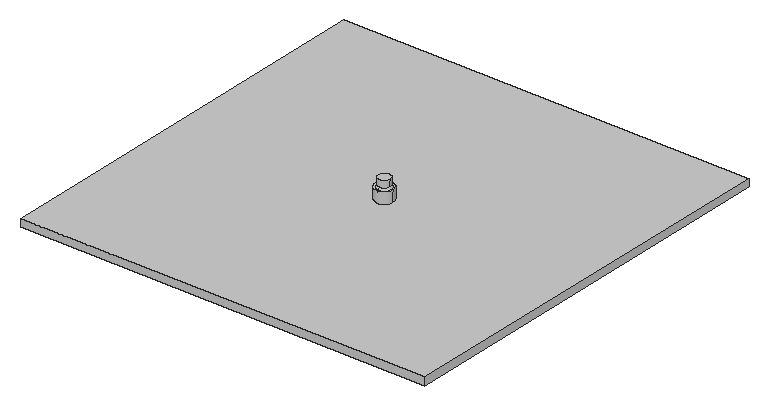
Revit family "SG0086523061CW", category Aparatos sanitarios, Revit 2019 (continued)
Automatic sketch dimensions
  radius of Extrusion 589 sketch curve = 0.896 mm
  radius of Extrusion 590 sketch curve = 1.0 mm
  radius of Extrusion 591 sketch curve = 0.896 mm
  radius of Extrusion 592 sketch curve = 1.0 mm
  radius of Extrusion 593 sketch curve = 0.896 mm
  radius of Extrusion 594 sketch curve = 1.0 mm
  radius of Extrusion 595 sketch curve = 0.896 mm
  radius of Extrusion 596 sketch curve = 1.0 mm
  radius of Extrusion 597 sketch curve = 0.896 mm
  radius of Extrusion 598 sketch curve = 1.0 mm
  radius of Extrusion 599 sketch curve = 0.896 mm
  radius of Extrusion 600 sketch curve = 1.0 mm
  radius of Extrusion 601 sketch curve = 0.896 mm
  radius of Extrusion 602 sketch curve = 1.0 mm
  radius of Extrusion 603 sketch curve = 0.896 mm
  radius of Extrusion 604 sketch curve = 1.0 mm
  radius of Extrusion 605 sketch curve = 0.896 mm
  radius of Extrusion 606 sketch curve = 1.0 mm
  radius of Extrusion 607 sketch curve = 0.896 mm
  radius of Extrusion 608 sketch curve = 1.0 mm
  radius of Extrusion 609 sketch curve = 0.896 mm
  radius of Extrusion 610 sketch curve = 1.0 mm
  radius of Extrusion 611 sketch curve = 0.896 mm
  radius of Extrusion 612 sketch curve = 1.0 mm
  radius of Extrusion 613 sketch curve = 0.896 mm
  radius of Extrusion 614 sketch curve = 1.0 mm
  radius of Extrusion 615 sketch curve = 0.896 mm
  radius of Extrusion 616 sketch curve = 1.0 mm
  radius of Extrusion 617 sketch curve = 0.896 mm
  radius of Extrusion 618 sketch curve = 1.0 mm
  radius of Extrusion 619 sketch curve = 0.896 mm
  radius of Extrusion 620 sketch curve = 1.0 mm
  radius of Extrusion 621 sketch curve = 0.896 mm
  radius of Extrusion 622 sketch curve = 1.0 mm
  radius of Extrusion 623 sketch curve = 0.896 mm
  radius of Extrusion 624 sketch curve = 1.0 mm
  radius of Extrusion 625 sketch curve = 0.896 mm
  radius of Extrusion 626 sketch curve = 1.0 mm
  radius of Extrusion 627 sketch curve = 0.896 mm
  radius of Extrusion 628 sketch curve = 1.0 mm
  radius of Extrusion 629 sketch curve = 0.896 mm
  radius of Extrusion 630 sketch curve = 1.0 mm
  radius of Extrusion 631 sketch curve = 0.896 mm
  radius of Extrusion 632 sketch curve = 1.0 mm
  radius of Extrusion 633 sketch curve = 0.896 mm
  radius of Extrusion 634 sketch curve = 1.0 mm
  radius of Extrusion 635 sketch curve = 0.896 mm
  radius of Extrusion 636 sketch curve = 1.0 mm
  radius of Extrusion 637 sketch curve = 0.896 mm
  radius of Extrusion 638 sketch curve = 1.0 mm
  radius of Extrusion 639 sketch curve = 0.896 mm
  radius of Extrusion 640 sketch curve = 1.0 mm
  radius of Extrusion 641 sketch curve = 0.896 mm
  radius of Extrusion 642 sketch curve = 1.0 mm
  radius of Extrusion 643 sketch curve = 0.896 mm
  radius of Extrusion 644 sketch curve = 1.0 mm
  radius of Extrusion 645 sketch curve = 0.896 mm
  radius of Extrusion 646 sketch curve = 1.0 mm
  radius of Extrusion 647 sketch curve = 0.896 mm
  radius of Extrusion 648 sketch curve = 1.0 mm
  radius of Extrusion 649 sketch curve = 0.896 mm
  radius of Extrusion 650 sketch curve = 1.0 mm
  radius of Extrusion 651 sketch curve = 0.896 mm
  radius of Extrusion 652 sketch curve = 1.0 mm
  radius of Extrusion 653 sketch curve = 0.896 mm
  radius of Extrusion 654 sketch curve = 1.0 mm
  radius of Extrusion 655 sketch curve = 0.896 mm
  radius of Extrusion 656 sketch curve = 1.0 mm
  radius of Extrusion 657 sketch curve = 0.896 mm
  radius of Extrusion 658 sketch curve = 1.0 mm
  radius of Extrusion 659 sketch curve = 0.896 mm
  radius of Extrusion 660 sketch curve = 1.0 mm
  radius of Extrusion 661 sketch curve = 0.896 mm
  radius of Extrusion 662 sketch curve = 1.0 mm
  radius of Extrusion 663 sketch curve = 0.896 mm
  radius of Extrusion 664 sketch curve = 1.0 mm
  radius of Extrusion 665 sketch curve = 0.896 mm
  radius of Extrusion 666 sketch curve = 1.0 mm
  radius of Extrusion 667 sketch curve = 0.896 mm
  radius of Extrusion 668 sketch curve = 1.0 mm
  radius of Extrusion 669 sketch curve = 0.896 mm
  radius of Extrusion 670 sketch curve = 1.0 mm
  radius of Extrusion 671 sketch curve = 0.896 mm
  radius of Extrusion 672 sketch curve = 1.0 mm
  radius of Extrusion 673 sketch curve = 0.896 mm
  radius of Extrusion 674 sketch curve = 1.0 mm
  radius of Extrusion 675 sketch curve = 0.896 mm
  radius of Extrusion 676 sketch curve = 1.0 mm
  radius of Extrusion 677 sketch curve = 0.896 mm
  radius of Extrusion 678 sketch curve = 1.0 mm
  radius of Extrusion 679 sketch curve = 0.896 mm
  radius of Extrusion 680 sketch curve = 1.0 mm
  radius of Extrusion 681 sketch curve = 0.896 mm
  radius of Extrusion 682 sketch curve = 1.0 mm
  radius of Extrusion 683 sketch curve = 0.896 mm
  radius of Extrusion 684 sketch curve = 1.0 mm
  radius of Extrusion 685 sketch curve = 0.896 mm
  radius of Extrusion 686 sketch curve = 1.0 mm
  radius of Extrusion 687 sketch curve = 0.896 mm
  radius of Extrusion 688 sketch curve = 1.0 mm
  radius of Extrusion 689 sketch curve = 0.896 mm
  radius of Extrusion 690 sketch curve = 1.0 mm
  radius of Extrusion 691 sketch curve = 0.896 mm
  radius of Extrusion 692 sketch curve = 1.0 mm
  radius of Extrusion 693 sketch curve = 0.896 mm
  radius of Extrusion 694 sketch curve = 1.0 mm
  radius of Extrusion 695 sketch curve = 0.896 mm
  radius of Extrusion 696 sketch curve = 1.0 mm
  radius of Extrusion 697 sketch curve = 0.896 mm
  radius of Extrusion 698 sketch curve = 1.0 mm
  radius of Extrusion 699 sketch curve = 0.896 mm
  radius of Extrusion 700 sketch curve = 1.0 mm
  radius of Extrusion 701 sketch curve = 0.896 mm
  radius of Extrusion 702 sketch curve = 1.0 mm
  radius of Extrusion 703 sketch curve = 0.896 mm
  radius of Extrusion 704 sketch curve = 1.0 mm
  radius of Extrusion 705 sketch curve = 0.896 mm
  radius of Extrusion 706 sketch curve = 1.0 mm
  radius of Extrusion 707 sketch curve = 0.896 mm
  radius of Extrusion 708 sketch curve = 1.0 mm
  radius of Extrusion 709 sketch curve = 0.896 mm
  radius of Extrusion 710 sketch curve = 1.0 mm
  radius of Extrusion 711 sketch curve = 0.896 mm
  radius of Extrusion 712 sketch curve = 1.0 mm
  radius of Extrusion 713 sketch curve = 0.896 mm
  radius of Extrusion 714 sketch curve = 1.0 mm
  radius of Extrusion 715 sketch curve = 0.896 mm
  radius of Extrusion 716 sketch curve = 1.0 mm
  radius of Extrusion 717 sketch curve = 0.896 mm
  radius of Extrusion 718 sketch curve = 1.0 mm
  radius of Extrusion 719 sketch curve = 0.896 mm
  radius of Extrusion 720 sketch curve = 1.0 mm
  radius of Extrusion 721 sketch curve = 0.896 mm
  radius of Extrusion 722 sketch curve = 1.0 mm
  radius of Extrusion 723 sketch curve = 0.896 mm
  radius of Extrusion 724 sketch curve = 1.0 mm
  radius of Extrusion 725 sketch curve = 0.896 mm
  radius of Extrusion 726 sketch curve = 1.0 mm
  radius of Extrusion 727 sketch curve = 0.896 mm
  radius of Extrusion 728 sketch curve = 1.0 mm
  radius of Extrusion 729 sketch curve = 0.896 mm
  radius of Extrusion 730 sketch curve = 1.0 mm
  radius of Extrusion 731 sketch curve = 0.896 mm
  radius of Extrusion 732 sketch curve = 1.0 mm
  radius of Extrusion 733 sketch curve = 0.896 mm
  radius of Extrusion 734 sketch curve = 1.0 mm
  radius of Extrusion 735 sketch curve = 0.896 mm
  radius of Extrusion 736 sketch curve = 1.0 mm
  radius of Extrusion 737 sketch curve = 0.896 mm
  radius of Extrusion 738 sketch curve = 1.0 mm
  radius of Extrusion 739 sketch curve = 0.896 mm
  radius of Extrusion 740 sketch curve = 1.0 mm
  radius of Extrusion 741 sketch curve = 0.896 mm
  radius of Extrusion 742 sketch curve = 1.0 mm
  radius of Extrusion 743 sketch curve = 0.896 mm
  radius of Extrusion 744 sketch curve = 1.0 mm
  radius of Extrusion 745 sketch curve = 0.896 mm
  radius of Extrusion 746 sketch curve = 1.0 mm
  radius of Extrusion 747 sketch curve = 0.896 mm
  radius of Extrusion 748 sketch curve = 1.0 mm
  radius of Extrusion 749 sketch curve = 0.896 mm
  radius of Extrusion 750 sketch curve = 1.0 mm
  radius of Extrusion 751 sketch curve = 0.896 mm
  radius of Extrusion 752 sketch curve = 1.0 mm
  radius of Extrusion 753 sketch curve = 0.896 mm
  radius of Extrusion 754 sketch curve = 1.0 mm
  radius of Extrusion 755 sketch curve = 0.896 mm
  radius of Extrusion 756 sketch curve = 1.0 mm
  radius of Extrusion 757 sketch curve = 0.896 mm
  radius of Extrusion 758 sketch curve = 1.0 mm
  radius of Extrusion 759 sketch curve = 0.896 mm
  radius of Extrusion 760 sketch curve = 1.0 mm
  radius of Extrusion 761 sketch curve = 0.896 mm
  radius of Extrusion 762 sketch curve = 1.0 mm
  radius of Extrusion 763 sketch curve = 0.896 mm
  radius of Extrusion 764 sketch curve = 1.0 mm
  radius of Extrusion 765 sketch curve = 0.896 mm
  radius of Extrusion 766 sketch curve = 1.0 mm
  radius of Extrusion 767 sketch curve = 0.896 mm
  radius of Extrusion 768 sketch curve = 1.0 mm
  radius of Extrusion 769 sketch curve = 0.896 mm
  radius of Extrusion 770 sketch curve = 1.0 mm
  radius of Extrusion 771 sketch curve = 0.896 mm
  radius of Extrusion 772 sketch curve = 1.0 mm
  radius of Extrusion 773 sketch curve = 0.896 mm
  radius of Extrusion 774 sketch curve = 1.0 mm
  radius of Extrusion 775 sketch curve = 0.896 mm
  radius of Extrusion 776 sketch curve = 1.0 mm
  radius of Extrusion 777 sketch curve = 0.896 mm
  radius of Extrusion 778 sketch curve = 1.0 mm
  radius of Extrusion 779 sketch curve = 0.896 mm
  radius of Extrusion 780 sketch curve = 1.0 mm
  radius of Extrusion 781 sketch curve = 0.896 mm
  radius of Extrusion 782 sketch curve = 1.0 mm
  radius of Extrusion 783 sketch curve = 0.896 mm
  radius of Extrusion 784 sketch curve = 1.0 mm
  radius of Extrusion 785 sketch curve = 0.896 mm
  radius of Extrusion 786 sketch curve = 1.0 mm
  radius of Extrusion 787 sketch curve = 0.896 mm
  radius of Extrusion 788 sketch curve = 1.0 mm
  radius of Extrusion 789 sketch curve = 0.896 mm
  radius of Extrusion 790 sketch curve = 1.0 mm
  radius of Extrusion 791 sketch curve = 0.896 mm
  radius of Extrusion 792 sketch curve = 1.0 mm
  radius of Extrusion 793 sketch curve = 0.896 mm
  radius of Extrusion 794 sketch curve = 1.0 mm
  radius of Extrusion 795 sketch curve = 0.896 mm
  radius of Extrusion 796 sketch curve = 1.0 mm
  radius of Extrusion 797 sketch curve = 0.896 mm
  radius of Extrusion 798 sketch curve = 1.0 mm
  radius of Extrusion 799 sketch curve = 0.896 mm
  radius of Extrusion 800 sketch curve = 1.0 mm
  radius of Extrusion 801 sketch curve = 0.896 mm
  radius of Extrusion 802 sketch curve = 1.0 mm
  radius of Extrusion 803 sketch curve = 0.896 mm
  radius of Extrusion 804 sketch curve = 1.0 mm
  radius of Extrusion 805 sketch curve = 0.896 mm
  radius of Extrusion 806 sketch curve = 1.0 mm
  radius of Extrusion 807 sketch curve = 0.896 mm
  radius of Extrusion 808 sketch curve = 1.0 mm
  radius of Extrusion 809 sketch curve = 0.896 mm
  radius of Extrusion 810 sketch curve = 1.0 mm
  radius of Extrusion 811 sketch curve = 0.896 mm
  radius of Extrusion 812 sketch curve = 1.0 mm
  radius of Extrusion 813 sketch curve = 0.896 mm
  radius of Extrusion 814 sketch curve = 1.0 mm
  radius of Extrusion 815 sketch curve = 0.896 mm
  radius of Extrusion 816 sketch curve = 1.0 mm
  radius of Extrusion 817 sketch curve = 0.896 mm
  radius of Extrusion 818 sketch curve = 1.0 mm
  radius of Extrusion 819 sketch curve = 0.896 mm
  radius of Extrusion 820 sketch curve = 1.0 mm
  radius of Extrusion 821 sketch curve = 0.896 mm
  radius of Extrusion 822 sketch curve = 1.0 mm
  radius of Extrusion 823 sketch curve = 0.896 mm
  radius of Extrusion 824 sketch curve = 1.0 mm
  radius of Extrusion 825 sketch curve = 0.896 mm
  radius of Extrusion 826 sketch curve = 1.0 mm
  radius of Extrusion 827 sketch curve = 0.896 mm
  radius of Extrusion 828 sketch curve = 1.0 mm
  radius of Extrusion 829 sketch curve = 0.896 mm
  radius of Extrusion 830 sketch curve = 1.0 mm
  radius of Extrusion 831 sketch curve = 0.896 mm
  radius of Extrusion 832 sketch curve = 1.0 mm
  radius of Extrusion 833 sketch curve = 0.896 mm
  radius of Extrusion 834 sketch curve = 1.0 mm
  radius of Extrusion 835 sketch curve = 0.896 mm
  radius of Extrusion 836 sketch curve = 1.0 mm
  radius of Extrusion 837 sketch curve = 0.896 mm
  radius of Extrusion 838 sketch curve = 1.0 mm
  radius of Extrusion 839 sketch curve = 0.896 mm
  radius of Extrusion 840 sketch curve = 1.0 mm
  radius of Extrusion 841 sketch curve = 0.896 mm
  radius of Extrusion 842 sketch curve = 1.0 mm
  radius of Extrusion 843 sketch curve = 0.896 mm
  radius of Extrusion 844 sketch curve = 1.0 mm
  radius of Extrusion 845 sketch curve = 0.896 mm
  radius of Extrusion 846 sketch curve = 1.0 mm
  radius of Extrusion 847 sketch curve = 0.896 mm
  radius of Extrusion 848 sketch curve = 1.0 mm
  radius of Extrusion 849 sketch curve = 0.896 mm
  radius of Extrusion 850 sketch curve = 1.0 mm
  radius of Extrusion 851 sketch curve = 0.896 mm
  radius of Extrusion 852 sketch curve = 1.0 mm
  radius of Extrusion 853 sketch curve = 0.896 mm
  radius of Extrusion 854 sketch curve = 1.0 mm
  radius of Extrusion 855 sketch curve = 0.896 mm
  radius of Extrusion 856 sketch curve = 1.0 mm
  radius of Extrusion 857 sketch curve = 0.896 mm
  radius of Extrusion 858 sketch curve = 1.0 mm
  radius of Extrusion 859 sketch curve = 0.896 mm
  radius of Extrusion 860 sketch curve = 1.0 mm
  radius of Extrusion 861 sketch curve = 0.896 mm
  radius of Extrusion 862 sketch curve = 1.0 mm
  radius of Extrusion 863 sketch curve = 0.896 mm
  radius of Extrusion 864 sketch curve = 1.0 mm
  radius of Extrusion 865 sketch curve = 0.896 mm
  radius of Extrusion 866 sketch curve = 1.0 mm
  radius of Extrusion 867 sketch curve = 0.896 mm
  radius of Extrusion 868 sketch curve = 1.0 mm
  radius of Extrusion 869 sketch curve = 0.896 mm
  radius of Extrusion 870 sketch curve = 1.0 mm
  radius of Extrusion 871 sketch curve = 0.896 mm
  radius of Extrusion 872 sketch curve = 1.0 mm
  radius of Extrusion 873 sketch curve = 0.896 mm
  radius of Extrusion 874 sketch curve = 1.0 mm
  radius of Extrusion 875 sketch curve = 0.896 mm
  radius of Extrusion 876 sketch curve = 1.0 mm
  radius of Extrusion 877 sketch curve = 0.896 mm
  radius of Extrusion 878 sketch curve = 1.0 mm
  radius of Extrusion 879 sketch curve = 0.896 mm
  radius of Extrusion 880 sketch curve = 1.0 mm
  radius of Extrusion 881 sketch curve = 0.896 mm
  radius of Extrusion 882 sketch curve = 1.0 mm
  radius of Extrusion 883 sketch curve = 0.896 mm
  radius of Extrusion 884 sketch curve = 1.0 mm
  radius of Extrusion 885 sketch curve = 0.896 mm
  radius of Extrusion 886 sketch curve = 1.0 mm
  radius of Extrusion 887 sketch curve = 0.896 mm
  radius of Extrusion 888 sketch curve = 1.0 mm
  radius of Extrusion 889 sketch curve = 0.896 mm
  radius of Extrusion 890 sketch curve = 1.0 mm
  radius of Extrusion 891 sketch curve = 0.896 mm
  radius of Extrusion 892 sketch curve = 1.0 mm
  radius of Extrusion 893 sketch curve = 0.896 mm
  radius of Extrusion 894 sketch curve = 1.0 mm
  radius of Extrusion 895 sketch curve = 0.896 mm
  radius of Extrusion 896 sketch curve = 1.0 mm
  radius of Extrusion 897 sketch curve = 0.896 mm
  radius of Extrusion 898 sketch curve = 1.0 mm
  radius of Extrusion 899 sketch curve = 0.896 mm
  radius of Extrusion 900 sketch curve = 1.0 mm
  radius of Extrusion 901 sketch curve = 0.896 mm
  radius of Extrusion 902 sketch curve = 1.0 mm
  radius of Extrusion 903 sketch curve = 0.896 mm
  radius of Extrusion 904 sketch curve = 1.0 mm
  radius of Extrusion 905 sketch curve = 0.896 mm
  radius of Extrusion 906 sketch curve = 1.0 mm
  radius of Extrusion 907 sketch curve = 0.896 mm
  radius of Extrusion 908 sketch curve = 1.0 mm
  radius of Extrusion 909 sketch curve = 0.896 mm
  radius of Extrusion 910 sketch curve = 1.0 mm
  radius of Extrusion 911 sketch curve = 0.896 mm
  radius of Extrusion 912 sketch curve = 1.0 mm
  radius of Extrusion 913 sketch curve = 0.896 mm
  radius of Extrusion 914 sketch curve = 1.0 mm
  radius of Extrusion 915 sketch curve = 0.896 mm
  radius of Extrusion 916 sketch curve = 1.0 mm
  radius of Extrusion 917 sketch curve = 0.896 mm
  radius of Extrusion 918 sketch curve = 1.0 mm
  radius of Extrusion 919 sketch curve = 0.896 mm
  radius of Extrusion 920 sketch curve = 1.0 mm
  radius of Extrusion 921 sketch curve = 0.896 mm
  radius of Extrusion 922 sketch curve = 1.0 mm
  radius of Extrusion 923 sketch curve = 0.896 mm
  radius of Extrusion 924 sketch curve = 1.0 mm
  radius of Extrusion 925 sketch curve = 0.896 mm
  radius of Extrusion 926 sketch curve = 1.0 mm
  radius of Extrusion 927 sketch curve = 0.896 mm
  radius of Extrusion 928 sketch curve = 1.0 mm
  radius of Extrusion 929 sketch curve = 0.896 mm
  radius of Extrusion 930 sketch curve = 1.0 mm
  radius of Extrusion 931 sketch curve = 0.896 mm
  radius of Extrusion 932 sketch curve = 1.0 mm
  radius of Extrusion 933 sketch curve = 0.896 mm
  radius of Extrusion 934 sketch curve = 1.0 mm
  radius of Extrusion 935 sketch curve = 0.896 mm
  radius of Extrusion 936 sketch curve = 1.0 mm
  radius of Extrusion 937 sketch curve = 0.896 mm
  radius of Extrusion 938 sketch curve = 1.0 mm
  radius of Extrusion 939 sketch curve = 0.896 mm
  radius of Extrusion 940 sketch curve = 1.0 mm
  radius of Extrusion 941 sketch curve = 0.896 mm
  radius of Extrusion 942 sketch curve = 1.0 mm
  radius of Extrusion 943 sketch curve = 0.896 mm
  radius of Extrusion 944 sketch curve = 1.0 mm
  radius of Extrusion 945 sketch curve = 0.896 mm
  radius of Extrusion 946 sketch curve = 1.0 mm
  radius of Extrusion 947 sketch curve = 0.896 mm
  radius of Extrusion 948 sketch curve = 1.0 mm
  radius of Extrusion 949 sketch curve = 0.896 mm
  radius of Extrusion 950 sketch curve = 1.0 mm
  radius of Extrusion 951 sketch curve = 0.896 mm
  radius of Extrusion 952 sketch curve = 1.0 mm
  radius of Extrusion 953 sketch curve = 0.896 mm
  radius of Extrusion 954 sketch curve = 1.0 mm
  radius of Extrusion 955 sketch curve = 0.896 mm
  radius of Extrusion 956 sketch curve = 1.0 mm
  radius of Extrusion 957 sketch curve = 0.896 mm
  radius of Extrusion 958 sketch curve = 1.0 mm
  radius of Extrusion 959 sketch curve = 0.896 mm
  radius of Extrusion 960 sketch curve = 1.0 mm
  radius of Extrusion 961 sketch curve = 0.896 mm
  radius of Extrusion 962 sketch curve = 1.0 mm
  radius of Extrusion 963 sketch curve = 0.896 mm
  radius of Extrusion 964 sketch curve = 1.0 mm
  radius of Extrusion 965 sketch curve = 0.896 mm
  radius of Extrusion 966 sketch curve = 1.0 mm
  radius of Extrusion 967 sketch curve = 0.896 mm
  radius of Extrusion 968 sketch curve = 1.0 mm
  radius of Extrusion 969 sketch curve = 0.896 mm
  radius of Extrusion 970 sketch curve = 1.0 mm
  radius of Extrusion 971 sketch curve = 0.896 mm
  radius of Extrusion 972 sketch curve = 1.0 mm
  radius of Extrusion 973 sketch curve = 0.896 mm
  radius of Extrusion 974 sketch curve = 1.0 mm
  radius of Extrusion 975 sketch curve = 0.896 mm
  radius of Extrusion 976 sketch curve = 1.0 mm
  radius of Extrusion 977 sketch curve = 0.896 mm
  radius of Extrusion 978 sketch curve = 1.0 mm
  radius of Extrusion 979 sketch curve = 0.896 mm
  radius of Extrusion 980 sketch curve = 1.0 mm
  radius of Extrusion 981 sketch curve = 0.896 mm
  radius of Extrusion 982 sketch curve = 1.0 mm
  radius of Extrusion 983 sketch curve = 0.896 mm
  radius of Extrusion 984 sketch curve = 1.0 mm
  radius of Extrusion 985 sketch curve = 0.896 mm
  radius of Extrusion 986 sketch curve = 1.0 mm
  radius of Extrusion 987 sketch curve = 0.896 mm
  radius of Extrusion 988 sketch curve = 1.0 mm
  radius of Extrusion 989 sketch curve = 0.896 mm
  radius of Extrusion 990 sketch curve = 1.0 mm
  radius of Extrusion 991 sketch curve = 0.896 mm
  radius of Extrusion 992 sketch curve = 1.0 mm
  radius of Extrusion 993 sketch curve = 0.896 mm
  radius of Extrusion 994 sketch curve = 1.0 mm
  radius of Extrusion 995 sketch curve = 0.896 mm
  radius of Extrusion 996 sketch curve = 1.0 mm
  radius of Extrusion 997 sketch curve = 0.896 mm
  radius of Extrusion 998 sketch curve = 1.0 mm
  radius of Extrusion 999 sketch curve = 0.896 mm
  radius of Extrusion 1000 sketch curve = 1.0 mm
  radius of Extrusion 1001 sketch curve = 0.896 mm
  radius of Extrusion 1002 sketch curve = 1.0 mm
  radius of Extrusion 1003 sketch curve = 0.896 mm
  radius of Extrusion 1004 sketch curve = 1.0 mm
  radius of Extrusion 1005 sketch curve = 0.896 mm
  radius of Extrusion 1006 sketch curve = 1.0 mm
  radius of Extrusion 1007 sketch curve = 0.896 mm
  radius of Extrusion 1008 sketch curve = 1.0 mm
  radius of Extrusion 1009 sketch curve = 0.896 mm
  radius of Extrusion 1010 sketch curve = 1.0 mm
  radius of Extrusion 1011 sketch curve = 0.896 mm
  radius of Extrusion 1012 sketch curve = 1.0 mm
  radius of Extrusion 1013 sketch curve = 0.896 mm
  radius of Extrusion 1014 sketch curve = 1.0 mm
  radius of Extrusion 1015 sketch curve = 0.896 mm
  radius of Extrusion 1016 sketch curve = 1.0 mm
  radius of Extrusion 1017 sketch curve = 0.896 mm
  radius of Extrusion 1018 sketch curve = 1.0 mm
  radius of Extrusion 1019 sketch curve = 0.896 mm
  radius of Extrusion 1020 sketch curve = 1.0 mm
  radius of Extrusion 1021 sketch curve = 0.896 mm
  radius of Extrusion 1022 sketch curve = 1.0 mm
  radius of Extrusion 1023 sketch curve = 0.896 mm
  radius of Extrusion 1024 sketch curve = 1.0 mm
  radius of Extrusion 1025 sketch curve = 0.896 mm
  radius of Extrusion 1026 sketch curve = 1.0 mm
  radius of Extrusion 1027 sketch curve = 0.896 mm
  radius of Extrusion 1028 sketch curve = 1.0 mm
  radius of Extrusion 1029 sketch curve = 0.896 mm
  radius of Extrusion 1030 sketch curve = 1.0 mm
  radius of Extrusion 1031 sketch curve = 0.896 mm
  radius of Extrusion 1032 sketch curve = 1.0 mm
  radius of Extrusion 1033 sketch curve = 0.896 mm
  radius of Extrusion 1034 sketch curve = 1.0 mm
  radius of Extrusion 1035 sketch curve = 0.896 mm
  radius of Extrusion 1036 sketch curve = 1.0 mm
  radius of Extrusion 1037 sketch curve = 0.896 mm
  radius of Extrusion 1038 sketch curve = 1.0 mm
  radius of Extrusion 1039 sketch curve = 0.896 mm
  radius of Extrusion 1040 sketch curve = 1.0 mm
  radius of Extrusion 1041 sketch curve = 0.896 mm
  radius of Extrusion 1042 sketch curve = 1.0 mm
  radius of Extrusion 1043 sketch curve = 0.896 mm
  radius of Extrusion 1044 sketch curve = 1.0 mm
  radius of Extrusion 1045 sketch curve = 0.896 mm
  radius of Extrusion 1046 sketch curve = 1.0 mm
  radius of Extrusion 1047 sketch curve = 0.896 mm
  radius of Extrusion 1048 sketch curve = 1.0 mm
  radius of Extrusion 1049 sketch curve = 0.896 mm
  radius of Extrusion 1050 sketch curve = 1.0 mm
  radius of Extrusion 1051 sketch curve = 0.896 mm
  radius of Extrusion 1052 sketch curve = 1.0 mm
  radius of Extrusion 1053 sketch curve = 0.896 mm
  radius of Extrusion 1054 sketch curve = 1.0 mm
  radius of Extrusion 1055 sketch curve = 0.896 mm
  radius of Extrusion 1056 sketch curve = 1.0 mm
  radius of Extrusion 1057 sketch curve = 0.896 mm
  radius of Extrusion 1058 sketch curve = 1.0 mm
  radius of Extrusion 1059 sketch curve = 0.896 mm
  radius of Extrusion 1060 sketch curve = 1.0 mm
  radius of Extrusion 1061 sketch curve = 0.896 mm
  radius of Extrusion 1062 sketch curve = 1.0 mm
  radius of Extrusion 1063 sketch curve = 0.896 mm
  radius of Extrusion 1064 sketch curve = 1.0 mm
  radius of Extrusion 1065 sketch curve = 0.896 mm
  radius of Extrusion 1066 sketch curve = 1.0 mm
  radius of Extrusion 1067 sketch curve = 0.896 mm
  radius of Extrusion 1068 sketch curve = 1.0 mm
  radius of Extrusion 1069 sketch curve = 0.896 mm
  radius of Extrusion 1070 sketch curve = 1.0 mm
  radius of Extrusion 1071 sketch curve = 0.896 mm
  radius of Extrusion 1072 sketch curve = 1.0 mm
  radius of Extrusion 1073 sketch curve = 0.896 mm
  radius of Extrusion 1074 sketch curve = 1.0 mm
  radius of Extrusion 1075 sketch curve = 0.896 mm
  radius of Extrusion 1076 sketch curve = 1.0 mm
  radius of Extrusion 1077 sketch curve = 0.896 mm
  radius of Extrusion 1078 sketch curve = 1.0 mm
  radius of Extrusion 1079 sketch curve = 0.896 mm
  radius of Extrusion 1080 sketch curve = 1.0 mm
  radius of Extrusion 1081 sketch curve = 0.896 mm
  radius of Extrusion 1082 sketch curve = 1.0 mm
  radius of Extrusion 1083 sketch curve = 0.896 mm
  radius of Extrusion 1084 sketch curve = 1.0 mm
  radius of Extrusion 1085 sketch curve = 0.896 mm
  radius of Extrusion 1086 sketch curve = 1.0 mm
  radius of Extrusion 1087 sketch curve = 0.896 mm
  radius of Extrusion 1088 sketch curve = 1.0 mm
  radius of Extrusion 1089 sketch curve = 0.896 mm
  radius of Extrusion 1090 sketch curve = 1.0 mm
  radius of Extrusion 1091 sketch curve = 0.896 mm
  radius of Extrusion 1092 sketch curve = 1.0 mm
  radius of Extrusion 1093 sketch curve = 0.896 mm
  radius of Extrusion 1094 sketch curve = 1.0 mm
  radius of Extrusion 1095 sketch curve = 0.896 mm
  radius of Extrusion 1096 sketch curve = 1.0 mm
  radius of Extrusion 1097 sketch curve = 0.896 mm
  radius of Extrusion 1098 sketch curve = 1.0 mm
  radius of Extrusion 1099 sketch curve = 0.896 mm
  radius of Extrusion 1100 sketch curve = 1.0 mm
  radius of Extrusion 1101 sketch curve = 0.896 mm
  radius of Extrusion 1102 sketch curve = 1.0 mm
  radius of Extrusion 1103 sketch curve = 0.896 mm
  radius of Extrusion 1104 sketch curve = 1.0 mm
  radius of Extrusion 1105 sketch curve = 0.896 mm
  radius of Extrusion 1106 sketch curve = 1.0 mm
  radius of Extrusion 1107 sketch curve = 0.896 mm
  radius of Extrusion 1108 sketch curve = 1.0 mm
  radius of Extrusion 1109 sketch curve = 0.896 mm
  radius of Extrusion 1110 sketch curve = 1.0 mm
  radius of Extrusion 1111 sketch curve = 0.896 mm
  radius of Extrusion 1112 sketch curve = 1.0 mm
  radius of Extrusion 1113 sketch curve = 0.896 mm
  radius of Extrusion 1114 sketch curve = 1.0 mm
  radius of Extrusion 1115 sketch curve = 0.896 mm
  radius of Extrusion 1116 sketch curve = 1.0 mm
  radius of Extrusion 1117 sketch curve = 0.896 mm
  radius of Extrusion 1118 sketch curve = 1.0 mm
  radius of Extrusion 1119 sketch curve = 0.896 mm
  radius of Extrusion 1120 sketch curve = 1.0 mm
  radius of Extrusion 1121 sketch curve = 0.896 mm
  radius of Extrusion 1122 sketch curve = 1.0 mm
  radius of Extrusion 1123 sketch curve = 0.896 mm
  radius of Extrusion 1124 sketch curve = 1.0 mm
  radius of Extrusion 1125 sketch curve = 0.896 mm
  radius of Extrusion 1126 sketch curve = 1.0 mm
  radius of Extrusion 1127 sketch curve = 0.896 mm
  radius of Extrusion 1128 sketch curve = 1.0 mm
  radius of Extrusion 1129 sketch curve = 0.896 mm
  radius of Extrusion 1130 sketch curve = 1.0 mm
  radius of Extrusion 1131 sketch curve = 0.896 mm
  radius of Extrusion 1132 sketch curve = 1.0 mm
  radius of Extrusion 1133 sketch curve = 0.896 mm
  radius of Extrusion 1134 sketch curve = 1.0 mm
  radius of Extrusion 1135 sketch curve = 0.896 mm
  radius of Extrusion 1136 sketch curve = 1.0 mm
  radius of Extrusion 1137 sketch curve = 0.896 mm
  radius of Extrusion 1138 sketch curve = 1.0 mm
  radius of Extrusion 1139 sketch curve = 0.896 mm
  radius of Extrusion 1140 sketch curve = 1.0 mm
  radius of Extrusion 1141 sketch curve = 0.896 mm
  radius of Extrusion 1142 sketch curve = 1.0 mm
  radius of Extrusion 1143 sketch curve = 0.896 mm
  radius of Extrusion 1144 sketch curve = 1.0 mm
  radius of Extrusion 1145 sketch curve = 0.896 mm
  radius of Extrusion 1146 sketch curve = 1.0 mm
  radius of Extrusion 1147 sketch curve = 0.896 mm
  radius of Extrusion 1148 sketch curve = 1.0 mm
  radius of Extrusion 1149 sketch curve = 0.896 mm
  radius of Extrusion 1150 sketch curve = 1.0 mm
  radius of Extrusion 1151 sketch curve = 0.896 mm
  radius of Extrusion 1152 sketch curve = 1.0 mm
  radius of Extrusion 1153 sketch curve = 0.896 mm
  radius of Extrusion 1154 sketch curve = 1.0 mm
  radius of Extrusion 1155 sketch curve = 0.896 mm
  radius of Extrusion 1156 sketch curve = 1.0 mm
  radius of Extrusion 1157 sketch curve = 0.896 mm
  radius of Extrusion 1158 sketch curve = 1.0 mm
  radius of Extrusion 1159 sketch curve = 0.896 mm
  radius of Extrusion 1160 sketch curve = 1.0 mm
  radius of Extrusion 1161 sketch curve = 0.896 mm
  radius of Extrusion 1162 sketch curve = 1.0 mm
  radius of Extrusion 1163 sketch curve = 0.896 mm
  radius of Extrusion 1164 sketch curve = 1.0 mm
  radius of Extrusion 1165 sketch curve = 0.896 mm
  radius of Extrusion 1166 sketch curve = 1.0 mm
  radius of Extrusion 1167 sketch curve = 0.896 mm
  radius of Extrusion 1168 sketch curve = 1.0 mm
  radius of Extrusion 1169 sketch curve = 0.896 mm
  radius of Extrusion 1170 sketch curve = 1.0 mm
  radius of Extrusion 1171 sketch curve = 0.896 mm
  radius of Extrusion 1172 sketch curve = 1.0 mm
  radius of Extrusion 1173 sketch curve = 0.896 mm
  radius of Extrusion 1174 sketch curve = 1.0 mm
  radius of Extrusion 1175 sketch curve = 0.896 mm
  radius of Extrusion 1176 sketch curve = 1.0 mm
  radius of Extrusion 1177 sketch curve = 0.896 mm
  radius of Extrusion 1178 sketch curve = 1.0 mm
  radius of Extrusion 1179 sketch curve = 0.896 mm
  radius of Extrusion 1180 sketch curve = 1.0 mm
  radius of Extrusion 1181 sketch curve = 0.896 mm
  radius of Extrusion 1182 sketch curve = 1.0 mm
  radius of Extrusion 1183 sketch curve = 0.896 mm
  radius of Extrusion 1184 sketch curve = 1.0 mm
  radius of Extrusion 1185 sketch curve = 0.896 mm
  radius of Extrusion 1186 sketch curve = 1.0 mm
  radius of Extrusion 1187 sketch curve = 0.896 mm
  radius of Extrusion 1188 sketch curve = 1.0 mm
  radius of Extrusion 1189 sketch curve = 0.896 mm
  radius of Extrusion 1190 sketch curve = 1.0 mm
  radius of Extrusion 1191 sketch curve = 0.896 mm
  radius of Extrusion 1192 sketch curve = 1.0 mm
  radius of Extrusion 1193 sketch curve = 0.896 mm
  radius of Extrusion 1194 sketch curve = 1.0 mm
  radius of Extrusion 1195 sketch curve = 0.896 mm
  radius of Extrusion 1196 sketch curve = 1.0 mm
  radius of Extrusion 1197 sketch curve = 0.896 mm
  radius of Extrusion 1198 sketch curve = 1.0 mm
  radius of Extrusion 1199 sketch curve = 0.896 mm
  radius of Extrusion 1200 sketch curve = 1.0 mm
  radius of Extrusion 1201 sketch curve = 0.896 mm
  radius of Extrusion 1202 sketch curve = 1.0 mm
  radius of Extrusion 1203 sketch curve = 0.896 mm
  radius of Extrusion 1204 sketch curve = 1.0 mm
  radius of Extrusion 1205 sketch curve = 0.896 mm
  radius of Extrusion 1206 sketch curve = 1.0 mm
  radius of Extrusion 1207 sketch curve = 0.896 mm
  radius of Extrusion 1208 sketch curve = 1.0 mm
  radius of Extrusion 1209 sketch curve = 0.896 mm
  radius of Extrusion 1210 sketch curve = 1.0 mm
  radius of Extrusion 1211 sketch curve = 0.896 mm
  radius of Extrusion 1212 sketch curve = 1.0 mm
  radius of Extrusion 1213 sketch curve = 0.896 mm
  radius of Extrusion 1214 sketch curve = 1.0 mm
  radius of Extrusion 1215 sketch curve = 0.896 mm
  radius of Extrusion 1216 sketch curve = 1.0 mm
  radius of Extrusion 1217 sketch curve = 0.896 mm
  radius of Extrusion 1218 sketch curve = 1.0 mm
  radius of Extrusion 1219 sketch curve = 0.896 mm
  radius of Extrusion 1220 sketch curve = 1.0 mm
  radius of Extrusion 1221 sketch curve = 0.896 mm
  radius of Extrusion 1222 sketch curve = 1.0 mm
  radius of Extrusion 1223 sketch curve = 0.896 mm
  radius of Extrusion 1224 sketch curve = 1.0 mm
  radius of Extrusion 1225 sketch curve = 0.896 mm
  radius of Extrusion 1226 sketch curve = 1.0 mm
  radius of Extrusion 1227 sketch curve = 0.896 mm
  radius of Extrusion 1228 sketch curve = 1.0 mm
  radius of Extrusion 1229 sketch curve = 0.896 mm
  radius of Extrusion 1230 sketch curve = 1.0 mm
  radius of Extrusion 1231 sketch curve = 0.896 mm
  radius of Extrusion 1232 sketch curve = 1.0 mm
  radius of Extrusion 1233 sketch curve = 0.896 mm
  radius of Extrusion 1234 sketch curve = 1.0 mm
  radius of Extrusion 1235 sketch curve = 0.896 mm
  radius of Extrusion 1236 sketch curve = 1.0 mm
  radius of Extrusion 1237 sketch curve = 0.896 mm
  radius of Extrusion 1238 sketch curve = 1.0 mm
  radius of Extrusion 1239 sketch curve = 0.896 mm
  radius of Extrusion 1240 sketch curve = 1.0 mm
  radius of Extrusion 1241 sketch curve = 0.896 mm
  radius of Extrusion 1242 sketch curve = 1.0 mm
  radius of Extrusion 1243 sketch curve = 0.896 mm
  radius of Extrusion 1244 sketch curve = 1.0 mm
  radius of Extrusion 1245 sketch curve = 0.896 mm
  radius of Extrusion 1246 sketch curve = 1.0 mm
  radius of Extrusion 1247 sketch curve = 0.896 mm
  radius of Extrusion 1248 sketch curve = 1.0 mm
  radius of Extrusion 1249 sketch curve = 0.896 mm
  radius of Extrusion 1250 sketch curve = 1.0 mm
  radius of Extrusion 1251 sketch curve = 0.896 mm
  radius of Extrusion 1252 sketch curve = 1.0 mm
  radius of Extrusion 1253 sketch curve = 0.896 mm
  radius of Extrusion 1254 sketch curve = 1.0 mm
  radius of Extrusion 1255 sketch curve = 0.896 mm
  radius of Extrusion 1256 sketch curve = 1.0 mm
  radius of Extrusion 1257 sketch curve = 0.896 mm
  radius of Extrusion 1258 sketch curve = 1.0 mm
  radius of Extrusion 1259 sketch curve = 0.896 mm
  radius of Extrusion 1260 sketch curve = 1.0 mm
  radius of Extrusion 1261 sketch curve = 0.896 mm
  radius of Extrusion 1262 sketch curve = 1.0 mm
  radius of Extrusion 1263 sketch curve = 0.896 mm
  radius of Extrusion 1264 sketch curve = 1.0 mm
  radius of Extrusion 1265 sketch curve = 0.896 mm
  radius of Extrusion 1266 sketch curve = 1.0 mm
  radius of Extrusion 1267 sketch curve = 0.896 mm
  radius of Extrusion 1268 sketch curve = 1.0 mm
  radius of Extrusion 1269 sketch curve = 0.896 mm
  radius of Extrusion 1270 sketch curve = 1.0 mm
  radius of Extrusion 1271 sketch curve = 0.896 mm
  radius of Extrusion 1272 sketch curve = 1.0 mm
  radius of Extrusion 1273 sketch curve = 0.896 mm
  radius of Extrusion 1274 sketch curve = 1.0 mm
  radius of Extrusion 1275 sketch curve = 0.896 mm
  radius of Extrusion 1276 sketch curve = 1.0 mm
  radius of Extrusion 1277 sketch curve = 0.896 mm
  radius of Extrusion 1278 sketch curve = 1.0 mm
  radius of Extrusion 1279 sketch curve = 0.896 mm
  radius of Extrusion 1280 sketch curve = 1.0 mm
  radius of Extrusion 1281 sketch curve = 0.896 mm
  radius of Extrusion 1282 sketch curve = 1.0 mm
  radius of Extrusion 1283 sketch curve = 0.896 mm
  radius of Extrusion 1284 sketch curve = 1.0 mm
  radius of Extrusion 1285 sketch curve = 0.896 mm
  radius of Extrusion 1286 sketch curve = 1.0 mm
  radius of Extrusion 1287 sketch curve = 0.896 mm
  radius of Extrusion 1288 sketch curve = 1.0 mm
  radius of Extrusion 1289 sketch curve = 0.896 mm
  radius of Extrusion 1290 sketch curve = 1.0 mm
  radius of Extrusion 1291 sketch curve = 0.896 mm
  radius of Extrusion 1292 sketch curve = 1.0 mm
  radius of Extrusion 1293 sketch curve = 0.896 mm
  radius of Extrusion 1294 sketch curve = 1.0 mm
  radius of Extrusion 1295 sketch curve = 0.896 mm
  radius of Extrusion 1296 sketch curve = 1.0 mm
  radius of Extrusion 1297 sketch curve = 0.896 mm
  radius of Extrusion 1298 sketch curve = 1.0 mm
  radius of Extrusion 1299 sketch curve = 0.896 mm
  radius of Extrusion 1300 sketch curve = 1.0 mm
  radius of Extrusion 1301 sketch curve = 0.896 mm
  radius of Extrusion 1302 sketch curve = 1.0 mm
  radius of Extrusion 1303 sketch curve = 0.896 mm
  radius of Extrusion 1304 sketch curve = 1.0 mm
  radius of Extrusion 1305 sketch curve = 0.896 mm
  radius of Extrusion 1306 sketch curve = 1.0 mm
  radius of Extrusion 1307 sketch curve = 0.896 mm
  radius of Extrusion 1308 sketch curve = 1.0 mm
  radius of Extrusion 1309 sketch curve = 0.896 mm
  radius of Extrusion 1310 sketch curve = 1.0 mm
  radius of Extrusion 1311 sketch curve = 0.896 mm
  radius of Extrusion 1312 sketch curve = 1.0 mm
  radius of Extrusion 1313 sketch curve = 0.896 mm
  radius of Extrusion 1314 sketch curve = 1.0 mm
  radius of Extrusion 1315 sketch curve = 0.896 mm
  radius of Extrusion 1316 sketch curve = 1.0 mm
  radius of Extrusion 1317 sketch curve = 0.896 mm
  radius of Extrusion 1318 sketch curve = 1.0 mm
  radius of Extrusion 1319 sketch curve = 0.896 mm
  radius of Extrusion 1320 sketch curve = 1.0 mm
  radius of Extrusion 1321 sketch curve = 0.896 mm
  radius of Extrusion 1322 sketch curve = 1.0 mm
  radius of Extrusion 1323 sketch curve = 0.896 mm
  radius of Extrusion 1324 sketch curve = 1.0 mm
  radius of Extrusion 1325 sketch curve = 0.896 mm
  radius of Extrusion 1326 sketch curve = 1.0 mm
  radius of Extrusion 1327 sketch curve = 0.896 mm
  radius of Extrusion 1328 sketch curve = 1.0 mm
  radius of Extrusion 1329 sketch curve = 0.896 mm
  radius of Extrusion 1330 sketch curve = 1.0 mm
  radius of Extrusion 1331 sketch curve = 0.896 mm
  radius of Extrusion 1332 sketch curve = 1.0 mm
  radius of Extrusion 1333 sketch curve = 0.896 mm
  radius of Extrusion 1334 sketch curve = 1.0 mm
  radius of Extrusion 1335 sketch curve = 0.896 mm
  radius of Extrusion 1336 sketch curve = 1.0 mm
  radius of Extrusion 1337 sketch curve = 0.896 mm
  radius of Extrusion 1338 sketch curve = 1.0 mm
  radius of Extrusion 1339 sketch curve = 0.896 mm
  radius of Extrusion 1340 sketch curve = 1.0 mm
  radius of Extrusion 1341 sketch curve = 0.896 mm
  radius of Extrusion 1342 sketch curve = 1.0 mm
  radius of Extrusion 1343 sketch curve = 0.896 mm
  radius of Extrusion 1344 sketch curve = 1.0 mm
  radius of Extrusion 1345 sketch curve = 0.896 mm
  radius of Extrusion 1346 sketch curve = 1.0 mm
  radius of Extrusion 1347 sketch curve = 0.896 mm
  radius of Extrusion 1348 sketch curve = 1.0 mm
  radius of Extrusion 1349 sketch curve = 0.896 mm
  radius of Extrusion 1350 sketch curve = 1.0 mm
  radius of Extrusion 1351 sketch curve = 0.896 mm
  radius of Extrusion 1352 sketch curve = 1.0 mm
  radius of Extrusion 1353 sketch curve = 0.896 mm
  radius of Extrusion 1354 sketch curve = 1.0 mm
  radius of Extrusion 1355 sketch curve = 0.896 mm
  radius of Extrusion 1356 sketch curve = 1.0 mm
  radius of Extrusion 1357 sketch curve = 0.896 mm
  radius of Extrusion 1358 sketch curve = 1.0 mm
  radius of Extrusion 1359 sketch curve = 0.896 mm
  radius of Extrusion 1360 sketch curve = 1.0 mm
  radius of Extrusion 1361 sketch curve = 0.896 mm
  radius of Extrusion 1362 sketch curve = 1.0 mm
  radius of Extrusion 1363 sketch curve = 0.896 mm
  radius of Extrusion 1364 sketch curve = 1.0 mm
  radius of Extrusion 1365 sketch curve = 0.896 mm
  radius of Extrusion 1366 sketch curve = 1.0 mm
  radius of Extrusion 1367 sketch curve = 0.896 mm
  radius of Extrusion 1368 sketch curve = 1.0 mm
  radius of Extrusion 1369 sketch curve = 0.896 mm
  radius of Extrusion 1370 sketch curve = 1.0 mm
  radius of Extrusion 1371 sketch curve = 0.896 mm
  radius of Extrusion 1372 sketch curve = 1.0 mm
  radius of Extrusion 1373 sketch curve = 0.896 mm
  radius of Extrusion 1374 sketch curve = 1.0 mm
  radius of Extrusion 1375 sketch curve = 0.896 mm
  radius of Extrusion 1376 sketch curve = 1.0 mm
  radius of Extrusion 1377 sketch curve = 0.896 mm
  radius of Extrusion 1378 sketch curve = 1.0 mm
  radius of Extrusion 1379 sketch curve = 0.896 mm
  radius of Extrusion 1380 sketch curve = 1.0 mm
  radius of Extrusion 1381 sketch curve = 0.896 mm
  radius of Extrusion 1382 sketch curve = 1.0 mm
  radius of Extrusion 1383 sketch curve = 0.896 mm
  radius of Extrusion 1384 sketch curve = 1.0 mm
  radius of Extrusion 1385 sketch curve = 0.896 mm
  radius of Extrusion 1386 sketch curve = 1.0 mm
  radius of Extrusion 1387 sketch curve = 0.896 mm
  radius of Extrusion 1388 sketch curve = 1.0 mm
  radius of Extrusion 1389 sketch curve = 0.896 mm
  radius of Extrusion 1390 sketch curve = 1.0 mm
  radius of Extrusion 1391 sketch curve = 0.896 mm
  radius of Extrusion 1392 sketch curve = 1.0 mm
  radius of Extrusion 1393 sketch curve = 0.896 mm
  radius of Extrusion 1394 sketch curve = 1.0 mm
  radius of Extrusion 1395 sketch curve = 0.896 mm
  radius of Extrusion 1396 sketch curve = 1.0 mm
  radius of Extrusion 1397 sketch curve = 0.896 mm
  radius of Extrusion 1398 sketch curve = 1.0 mm
  radius of Extrusion 1399 sketch curve = 0.896 mm
  radius of Extrusion 1400 sketch curve = 1.0 mm
  radius of Extrusion 1401 sketch curve = 0.896 mm
  radius of Extrusion 1402 sketch curve = 1.0 mm
  radius of Extrusion 1403 sketch curve = 0.896 mm
  radius of Extrusion 1404 sketch curve = 1.0 mm
  radius of Extrusion 1405 sketch curve = 0.896 mm
  radius of Extrusion 1406 sketch curve = 1.0 mm
  radius of Extrusion 1407 sketch curve = 0.896 mm
  radius of Extrusion 1408 sketch curve = 1.0 mm
  radius of Extrusion 1409 sketch curve = 0.896 mm
  radius of Extrusion 1410 sketch curve = 1.0 mm
  radius of Extrusion 1411 sketch curve = 0.896 mm
  radius of Extrusion 1412 sketch curve = 1.0 mm
  radius of Extrusion 1413 sketch curve = 0.896 mm
  radius of Extrusion 1414 sketch curve = 1.0 mm
  radius of Extrusion 1415 sketch curve = 0.896 mm
  radius of Extrusion 1416 sketch curve = 1.0 mm
  radius of Extrusion 1417 sketch curve = 0.896 mm
  radius of Extrusion 1418 sketch curve = 1.0 mm
  radius of Extrusion 1419 sketch curve = 0.896 mm
  radius of Extrusion 1420 sketch curve = 1.0 mm
  radius of Extrusion 1421 sketch curve = 0.896 mm
  radius of Extrusion 1422 sketch curve = 1.0 mm
  radius of Extrusion 1423 sketch curve = 0.896 mm
  radius of Extrusion 1424 sketch curve = 1.0 mm
  radius of Extrusion 1425 sketch curve = 0.896 mm
  radius of Extrusion 1426 sketch curve = 1.0 mm
  radius of Extrusion 1427 sketch curve = 0.896 mm
  radius of Extrusion 1428 sketch curve = 1.0 mm
  radius of Extrusion 1429 sketch curve = 0.896 mm
  radius of Extrusion 1430 sketch curve = 1.0 mm
  radius of Extrusion 1431 sketch curve = 0.896 mm
  radius of Extrusion 1432 sketch curve = 1.0 mm
  radius of Extrusion 1433 sketch curve = 0.896 mm
  radius of Extrusion 1434 sketch curve = 1.0 mm
  radius of Extrusion 1435 sketch curve = 0.896 mm
  radius of Extrusion 1436 sketch curve = 1.0 mm
  radius of Extrusion 1437 sketch curve = 0.896 mm
  radius of Extrusion 1438 sketch curve = 1.0 mm
  radius of Extrusion 1439 sketch curve = 0.896 mm
  radius of Extrusion 1440 sketch curve = 1.0 mm
  radius of Extrusion 1441 sketch curve = 0.896 mm
  radius of Extrusion 1442 sketch curve = 1.0 mm
  radius of Extrusion 1443 sketch curve = 0.896 mm
  radius of Extrusion 1444 sketch curve = 1.0 mm
  radius of Extrusion 1445 sketch curve = 0.896 mm
  radius of Extrusion 1446 sketch curve = 1.0 mm
  radius of Extrusion 1447 sketch curve = 0.896 mm
  radius of Extrusion 1448 sketch curve = 1.0 mm
  radius of Extrusion 1449 sketch curve = 0.896 mm
  radius of Extrusion 1450 sketch curve = 1.0 mm
  radius of Extrusion 1451 sketch curve = 0.896 mm
  radius of Extrusion 1452 sketch curve = 1.0 mm
  radius of Extrusion 1453 sketch curve = 0.896 mm
  radius of Extrusion 1454 sketch curve = 1.0 mm
  radius of Extrusion 1455 sketch curve = 0.896 mm
  radius of Extrusion 1456 sketch curve = 1.0 mm
  radius of Extrusion 1457 sketch curve = 0.896 mm
  radius of Extrusion 1458 sketch curve = 1.0 mm
  radius of Extrusion 1459 sketch curve = 0.896 mm
  radius of Extrusion 1460 sketch curve = 1.0 mm
  radius of Extrusion 1461 sketch curve = 0.896 mm
  radius of Extrusion 1462 sketch curve = 1.0 mm
  radius of Extrusion 1463 sketch curve = 0.896 mm
  radius of Extrusion 1464 sketch curve = 1.0 mm
  radius of Extrusion 1465 sketch curve = 0.896 mm
  radius of Extrusion 1466 sketch curve = 1.0 mm
  radius of Extrusion 1467 sketch curve = 0.896 mm
  radius of Extrusion 1468 sketch curve = 1.0 mm
  radius of Extrusion 1469 sketch curve = 0.896 mm
  radius of Extrusion 1470 sketch curve = 1.0 mm
  radius of Extrusion 1471 sketch curve = 0.896 mm
  radius of Extrusion 1472 sketch curve = 1.0 mm
  radius of Extrusion 1473 sketch curve = 0.896 mm
  radius of Extrusion 1474 sketch curve = 1.0 mm
  radius of Extrusion 1475 sketch curve = 0.896 mm
  radius of Extrusion 1476 sketch curve = 1.0 mm
  radius of Extrusion 1477 sketch curve = 0.896 mm
  radius of Extrusion 1478 sketch curve = 1.0 mm
  radius of Extrusion 1479 sketch curve = 0.896 mm
  radius of Extrusion 1480 sketch curve = 1.0 mm
  radius of Extrusion 1481 sketch curve = 0.896 mm
  radius of Extrusion 1482 sketch curve = 1.0 mm
  radius of Extrusion 1483 sketch curve = 0.896 mm
  radius of Extrusion 1484 sketch curve = 1.0 mm
  radius of Extrusion 1485 sketch curve = 0.896 mm
  radius of Extrusion 1486 sketch curve = 1.0 mm
  radius of Extrusion 1487 sketch curve = 0.896 mm
  radius of Extrusion 1488 sketch curve = 1.0 mm
  radius of Extrusion 1489 sketch curve = 0.896 mm
  radius of Extrusion 1490 sketch curve = 1.0 mm
  radius of Extrusion 1491 sketch curve = 0.896 mm
  radius of Extrusion 1492 sketch curve = 1.0 mm
  radius of Extrusion 1493 sketch curve = 0.896 mm
  radius of Extrusion 1494 sketch curve = 1.0 mm
  radius of Extrusion 1495 sketch curve = 0.896 mm
  radius of Extrusion 1496 sketch curve = 1.0 mm
  radius of Extrusion 1497 sketch curve = 0.896 mm
  radius of Extrusion 1498 sketch curve = 1.0 mm
  radius of Extrusion 1499 sketch curve = 0.896 mm
  radius of Extrusion 1500 sketch curve = 1.0 mm
  radius of Extrusion 1501 sketch curve = 0.896 mm
  radius of Extrusion 1502 sketch curve = 1.0 mm
  radius of Extrusion 1503 sketch curve = 0.896 mm
  radius of Extrusion 1504 sketch curve = 1.0 mm
  radius of Extrusion 1505 sketch curve = 0.896 mm
  radius of Extrusion 1506 sketch curve = 1.0 mm
  radius of Extrusion 1507 sketch curve = 0.896 mm
  radius of Extrusion 1508 sketch curve = 1.0 mm
  radius of Extrusion 1509 sketch curve = 0.896 mm
  radius of Extrusion 1510 sketch curve = 1.0 mm
  radius of Extrusion 1511 sketch curve = 0.896 mm
  radius of Extrusion 1512 sketch curve = 1.0 mm
  radius of Extrusion 1513 sketch curve = 0.896 mm
  radius of Extrusion 1514 sketch curve = 1.0 mm
  radius of Extrusion 1515 sketch curve = 0.896 mm
  radius of Extrusion 1516 sketch curve = 1.0 mm
  radius of Extrusion 1517 sketch curve = 0.896 mm
  radius of Extrusion 1518 sketch curve = 1.0 mm
  radius of Extrusion 1519 sketch curve = 0.896 mm
  radius of Extrusion 1520 sketch curve = 1.0 mm
  radius of Extrusion 1521 sketch curve = 0.896 mm
  radius of Extrusion 1522 sketch curve = 1.0 mm
  radius of Extrusion 1523 sketch curve = 0.896 mm
  radius of Extrusion 1524 sketch curve = 1.0 mm
  radius of Extrusion 1525 sketch curve = 0.896 mm
  radius of Extrusion 1526 sketch curve = 1.0 mm
  radius of Extrusion 1527 sketch curve = 0.896 mm
  radius of Extrusion 1528 sketch curve = 1.0 mm
  radius of Extrusion 1529 sketch curve = 0.896 mm
  radius of Extrusion 1530 sketch curve = 1.0 mm
  radius of Extrusion 1531 sketch curve = 0.896 mm
  radius of Extrusion 1532 sketch curve = 1.0 mm
  radius of Extrusion 1533 sketch curve = 0.896 mm
  radius of Extrusion 1534 sketch curve = 1.0 mm
  radius of Extrusion 1535 sketch curve = 0.896 mm
  radius of Extrusion 1536 sketch curve = 1.0 mm
  radius of Extrusion 1537 sketch curve = 0.896 mm
  radius of Extrusion 1538 sketch curve = 1.0 mm
  radius of Extrusion 1539 sketch curve = 0.896 mm
  radius of Extrusion 1540 sketch curve = 1.0 mm
  radius of Extrusion 1541 sketch curve = 0.896 mm
  radius of Extrusion 1542 sketch curve = 1.0 mm
  radius of Extrusion 1543 sketch curve = 0.896 mm
  radius of Extrusion 1544 sketch curve = 1.0 mm
  radius of Extrusion 1545 sketch curve = 0.896 mm
  radius of Extrusion 1546 sketch curve = 1.0 mm
  radius of Extrusion 1547 sketch curve = 0.896 mm
  radius of Extrusion 1548 sketch curve = 1.0 mm
  radius of Extrusion 1549 sketch curve = 0.896 mm
  radius of Extrusion 1550 sketch curve = 1.0 mm
  radius of Extrusion 1551 sketch curve = 0.896 mm
  radius of Extrusion 1552 sketch curve = 1.0 mm
  radius of Extrusion 1553 sketch curve = 0.896 mm
  radius of Extrusion 1554 sketch curve = 1.0 mm
  radius of Extrusion 1555 sketch curve = 0.896 mm
  radius of Extrusion 1556 sketch curve = 1.0 mm
  radius of Extrusion 1557 sketch curve = 0.896 mm
  radius of Extrusion 1558 sketch curve = 1.0 mm
  radius of Extrusion 1559 sketch curve = 0.896 mm
  radius of Extrusion 1560 sketch curve = 1.0 mm
  radius of Extrusion 1561 sketch curve = 0.896 mm
  radius of Extrusion 1562 sketch curve = 1.0 mm
  radius of Extrusion 1563 sketch curve = 0.896 mm
  radius of Extrusion 1564 sketch curve = 1.0 mm
  radius of Extrusion 1565 sketch curve = 0.896 mm
  radius of Extrusion 1566 sketch curve = 1.0 mm
  radius of Extrusion 1567 sketch curve = 0.896 mm
  radius of Extrusion 1568 sketch curve = 1.0 mm
  radius of Extrusion 1569 sketch curve = 0.896 mm
  radius of Extrusion 1570 sketch curve = 1.0 mm
  radius of Extrusion 1571 sketch curve = 0.896 mm
  radius of Extrusion 1572 sketch curve = 1.0 mm
  radius of Extrusion 1573 sketch curve = 0.896 mm
  radius of Extrusion 1574 sketch curve = 1.0 mm
  radius of Extrusion 1575 sketch curve = 0.896 mm
  radius of Extrusion 1576 sketch curve = 1.0 mm
  radius of Extrusion 1577 sketch curve = 0.896 mm
  radius of Extrusion 1578 sketch curve = 1.0 mm
  radius of Extrusion 1579 sketch curve = 0.896 mm
  radius of Extrusion 1580 sketch curve = 1.0 mm
  radius of Extrusion 1581 sketch curve = 0.896 mm
  radius of Extrusion 1582 sketch curve = 1.0 mm
  radius of Extrusion 1583 sketch curve = 0.896 mm
  radius of Extrusion 1584 sketch curve = 1.0 mm
  radius of Extrusion 1585 sketch curve = 0.896 mm
  radius of Extrusion 1586 sketch curve = 1.0 mm
  radius of Extrusion 1587 sketch curve = 0.896 mm
  radius of Extrusion 1588 sketch curve = 1.0 mm
  radius of Extrusion 1589 sketch curve = 0.896 mm
  radius of Extrusion 1590 sketch curve = 1.0 mm
  radius of Extrusion 1591 sketch curve = 0.896 mm
  radius of Extrusion 1592 sketch curve = 1.0 mm
  radius of Extrusion 1593 sketch curve = 0.896 mm
  radius of Extrusion 1594 sketch curve = 1.0 mm
  radius of Extrusion 1595 sketch curve = 0.896 mm
  radius of Extrusion 1596 sketch curve = 1.0 mm
  radius of Extrusion 1597 sketch curve = 0.896 mm
  radius of Extrusion 1598 sketch curve = 1.0 mm
  radius of Extrusion 1599 sketch curve = 0.896 mm
  radius of Extrusion 1600 sketch curve = 1.0 mm
  radius of Extrusion 1601 sketch curve = 0.896 mm
  radius of Extrusion 1602 sketch curve = 1.0 mm
  radius of Extrusion 1603 sketch curve = 0.896 mm
  radius of Extrusion 1604 sketch curve = 1.0 mm
  radius of Extrusion 1605 sketch curve = 0.896 mm
  radius of Extrusion 1606 sketch curve = 1.0 mm
  radius of Extrusion 1607 sketch curve = 0.896 mm
  radius of Extrusion 1608 sketch curve = 1.0 mm
  radius of Extrusion 1609 sketch curve = 0.896 mm
  radius of Extrusion 1610 sketch curve = 1.0 mm
  radius of Extrusion 1611 sketch curve = 0.896 mm
  radius of Extrusion 1612 sketch curve = 1.0 mm
  radius of Extrusion 1613 sketch curve = 0.896 mm
  radius of Extrusion 1614 sketch curve = 1.0 mm
  radius of Extrusion 1615 sketch curve = 0.896 mm
  radius of Extrusion 1616 sketch curve = 1.0 mm
  radius of Extrusion 1617 sketch curve = 0.896 mm
  radius of Extrusion 1618 sketch curve = 1.0 mm
  radius of Extrusion 1619 sketch curve = 0.896 mm
  radius of Extrusion 1620 sketch curve = 1.0 mm
  radius of Extrusion 1621 sketch curve = 0.896 mm
  radius of Extrusion 1622 sketch curve = 1.0 mm
  radius of Extrusion 1623 sketch curve = 0.896 mm
  radius of Extrusion 1624 sketch curve = 1.0 mm
  radius of Extrusion 1625 sketch curve = 0.896 mm
  radius of Extrusion 1626 sketch curve = 1.0 mm
  radius of Extrusion 1627 sketch curve = 0.896 mm
  radius of Extrusion 1628 sketch curve = 1.0 mm
  radius of Extrusion 1629 sketch curve = 0.896 mm
  radius of Extrusion 1630 sketch curve = 1.0 mm
  radius of Extrusion 1631 sketch curve = 0.896 mm
  radius of Extrusion 1632 sketch curve = 1.0 mm
  radius of Extrusion 1633 sketch curve = 0.896 mm
  radius of Extrusion 1634 sketch curve = 1.0 mm
  radius of Extrusion 1635 sketch curve = 0.896 mm
  radius of Extrusion 1636 sketch curve = 1.0 mm
  radius of Extrusion 1637 sketch curve = 0.896 mm
  radius of Extrusion 1638 sketch curve = 1.0 mm
  radius of Extrusion 1639 sketch curve = 0.896 mm
  radius of Extrusion 1640 sketch curve = 1.0 mm
  radius of Extrusion 1641 sketch curve = 0.896 mm
  radius of Extrusion 1642 sketch curve = 1.0 mm
  radius of Extrusion 1643 sketch curve = 0.896 mm
  radius of Extrusion 1644 sketch curve = 1.0 mm
  radius of Extrusion 1645 sketch curve = 0.896 mm
  radius of Extrusion 1646 sketch curve = 1.0 mm
  radius of Extrusion 1647 sketch curve = 0.896 mm
  radius of Extrusion 1648 sketch curve = 1.0 mm
  radius of Extrusion 1649 sketch curve = 0.896 mm
  radius of Extrusion 1650 sketch curve = 1.0 mm
  radius of Extrusion 1651 sketch curve = 0.896 mm
  radius of Extrusion 1652 sketch curve = 1.0 mm
  radius of Extrusion 1653 sketch curve = 0.896 mm
  radius of Extrusion 1654 sketch curve = 1.0 mm
  radius of Extrusion 1655 sketch curve = 0.896 mm
  radius of Extrusion 1656 sketch curve = 1.0 mm
  radius of Extrusion 1657 sketch curve = 0.896 mm
  radius of Extrusion 1658 sketch curve = 1.0 mm
  radius of Extrusion 1659 sketch curve = 0.896 mm
  radius of Extrusion 1660 sketch curve = 1.0 mm
  radius of Extrusion 1661 sketch curve = 0.896 mm
  radius of Extrusion 1662 sketch curve = 1.0 mm
  radius of Extrusion 1663 sketch curve = 0.896 mm
  radius of Extrusion 1664 sketch curve = 1.0 mm
  radius of Extrusion 1665 sketch curve = 0.896 mm
  radius of Extrusion 1666 sketch curve = 1.0 mm
  radius of Extrusion 1667 sketch curve = 0.896 mm
  radius of Extrusion 1668 sketch curve = 1.0 mm
  radius of Extrusion 1669 sketch curve = 0.896 mm
  radius of Extrusion 1670 sketch curve = 1.0 mm
  radius of Extrusion 1671 sketch curve = 0.896 mm
  radius of Extrusion 1672 sketch curve = 1.0 mm
  radius of Extrusion 1673 sketch curve = 0.896 mm
  radius of Extrusion 1674 sketch curve = 1.0 mm
  radius of Extrusion 1675 sketch curve = 0.896 mm
  radius of Extrusion 1676 sketch curve = 1.0 mm
  radius of Extrusion 1677 sketch curve = 0.896 mm
  radius of Extrusion 1678 sketch curve = 1.0 mm
  radius of Extrusion 1679 sketch curve = 0.896 mm
  radius of Extrusion 1680 sketch curve = 1.0 mm
  radius of Extrusion 1681 sketch curve = 0.896 mm
  radius of Extrusion 1682 sketch curve = 1.0 mm
  radius of Extrusion 1683 sketch curve = 0.896 mm
  radius of Extrusion 1684 sketch curve = 1.0 mm
  radius of Extrusion 1685 sketch curve = 0.896 mm
  radius of Extrusion 1686 sketch curve = 1.0 mm
  radius of Extrusion 1687 sketch curve = 0.896 mm
  radius of Extrusion 1688 sketch curve = 1.0 mm
  radius of Extrusion 1689 sketch curve = 0.896 mm
  radius of Extrusion 1690 sketch curve = 1.0 mm
  radius of Extrusion 1691 sketch curve = 0.896 mm
  radius of Extrusion 1692 sketch curve = 1.0 mm
  radius of Extrusion 1693 sketch curve = 0.896 mm
  radius of Extrusion 1694 sketch curve = 1.0 mm
  radius of Extrusion 1695 sketch curve = 0.896 mm
  radius of Extrusion 1696 sketch curve = 1.0 mm
  radius of Extrusion 1697 sketch curve = 0.896 mm
  radius of Extrusion 1698 sketch curve = 1.0 mm
  radius of Extrusion 1699 sketch curve = 0.896 mm
  radius of Extrusion 1700 sketch curve = 1.0 mm
  radius of Extrusion 1701 sketch curve = 0.896 mm
  radius of Extrusion 1702 sketch curve = 1.0 mm
  radius of Extrusion 1703 sketch curve = 0.896 mm
  radius of Extrusion 1704 sketch curve = 1.0 mm
  radius of Extrusion 1705 sketch curve = 0.896 mm
  radius of Extrusion 1706 sketch curve = 1.0 mm
  radius of Extrusion 1707 sketch curve = 0.896 mm
  radius of Extrusion 1708 sketch curve = 1.0 mm
  radius of Extrusion 1709 sketch curve = 0.896 mm
  radius of Extrusion 1710 sketch curve = 1.0 mm
  radius of Extrusion 1711 sketch curve = 0.896 mm
  radius of Extrusion 1712 sketch curve = 1.0 mm
  radius of Extrusion 1713 sketch curve = 0.896 mm
  radius of Extrusion 1714 sketch curve = 1.0 mm
  radius of Extrusion 1715 sketch curve = 0.896 mm
  radius of Extrusion 1716 sketch curve = 1.0 mm
  radius of Extrusion 1717 sketch curve = 0.896 mm
  radius of Extrusion 1718 sketch curve = 1.0 mm
  radius of Extrusion 1719 sketch curve = 0.896 mm
  radius of Extrusion 1720 sketch curve = 1.0 mm
  radius of Extrusion 1721 sketch curve = 0.896 mm
  radius of Extrusion 1722 sketch curve = 1.0 mm
  radius of Extrusion 1723 sketch curve = 0.896 mm
  radius of Extrusion 1724 sketch curve = 1.0 mm
  radius of Extrusion 1725 sketch curve = 0.896 mm
  radius of Extrusion 1726 sketch curve = 1.0 mm
  radius of Extrusion 1727 sketch curve = 0.896 mm
